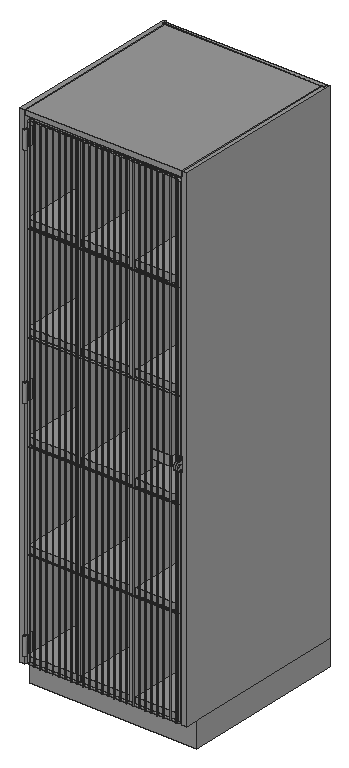
Revit family "TMI_M3000-Music_Wire Grille Doors11", category Casework, Revit 2016
Family settings
  OmniClass Number = 23.40.35.14.11
  OmniClass Title = Modular Casework
  Work Plane-Based = No
  Always vertical = Yes
  Cut with Voids When Loaded = No
  Shared = No
  Room Calculation Point = No
Parameters (values of type "27" x 84-1/2" x 29"")
  URL = "www.tmisystems.com"
  Toe Kick Height = 4"
  Toe Kick Depth = 2"
  Shelf Thickness = 1 1/8"
  Model = "M3000/M5000"
  Manufacturer = "TMI Systems Corporation"
  Interior Finish = none
  Individual Wire Grille Doors [instance] = not(Full Height Wire Grille Door)  # no
  Full Height Wire Grille Door [instance] = yes
  Filler Width (Hinge) [instance] = 3"
  Filler (Pull Side) [instance] = no
  Filler (Hinge Side) [instance] = no
  Filler Width (Pulls) [instance] = 3"
  Description = "Clarinet, Flute, Oboe, Piccolo"
  Depth = 29"
  Height = 84 1/2"
  Width = 27"
  Casework Thickness = 3/4"
  Casework Back Thickness = 1/2"
  Cabinet Finish = Plastic Laminate
  Assembly Code = ""
Types (2): name | Depth
  27" x 84-1/2" x 29" | 29"
  27" x 84-1/2" x 39" | 39"
Reference planes (in)
  plane 1 "Back": y = 15
  plane 2: z = 0
  plane 3 "Center (Left/Right)": x = 0.7377
  plane 4 "Left": x = -12.7623
  plane 5 "Right": x = 14.2377
  plane 6 "Front": y = -14
  plane 7 "Top": z = 84.5
  plane 8: y = 14.375
  plane 9: x = -12.0123
  plane 10: x = 13.4877
  plane 11: z = 83.75
  plane 12: y = 14.875
  plane 13: y = -12
  plane 14: z = 4
  plane 15: z = 5.125
  plane 16: y = -13.61906
  plane 17: z = 68.625
  plane 18: z = 52.75
  plane 19: y = -11.25
  plane 20: y = -13.25
  plane 21: x = -4.0123
  plane 22: x = -3.2623
  plane 23: x = -3.6373
  plane 24: x = 5.4877
  plane 25: x = 4.7377
  plane 26: x = 5.1127
  plane 27: z = 36.875
  plane 28: z = 21
  plane 29: y = -13.49461
  plane 30: z = 83.25
  plane 31: x = 13.8627
  plane 32: x = -12.3873
  plane 33: y = -13.60344
Forms (in)
  Extrusion 1, solid, material "Plastic Laminate" <- "Cabinet Finish"
    sketch origin (0, 0.21844, 0) x (1, 0, 0) y (0, 1, 0)
      loop
        line (-12.7623, 14.78156) -> (-12.7623, -14.21844) -> (-12.0123, -14.21844) -> (-12.0123, 14.15656) -> (-12.38677, 14.15656) -> (-12.38677, 14.78156) -> (-12.7623, 14.78156)
      loop
        line (13.86077, 14.78156) -> (13.86077, 14.15656) -> (13.4877, 14.15656) -> (13.4877, -14.21844) -> (14.2377, -14.21844) -> (14.2377, 14.78156) -> (13.86077, 14.78156)
    from 4 to 84.5
  Extrusion 2, solid, material "Plastic Laminate" <- "Cabinet Finish"
    sketch origin (0.84915, 11.94613, -1.44731) x (1, 0, 0) y (0, 0, 1)
      loop
        line (-12.86145, 6.57231) -> (-12.86145, 5.44731) -> (12.63855, 5.44731) -> (12.63855, 6.57231) -> (-12.86145, 6.57231)
    from -2.42887 to 25.54956
  Extrusion 3, solid, material "Plastic Laminate" <- "Cabinet Finish"
    sketch origin (0, 0, 0) x (1, 0, 0) y (0, 1, 0)
      loop
        line (-12.38677, 14.875) -> (-12.38677, 14.375) -> (13.86077, 14.375) -> (13.86077, 14.875) -> (-12.38677, 14.875)
    from 84.5 to 4
  Extrusion 4, solid, material "Plastic Laminate" <- "Cabinet Finish", visible <- "Filler (Pull Side)"
    sketch origin (0, -14, 0) x (1, 0, 0) y (0, 0, 1)
      loop
        line (14.2377, 84.5) -> (14.2377, 4) -> (17.2377, 4) -> (17.2377, 84.5) -> (14.2377, 84.5)
    from -0.75 to 0
  Extrusion 5, solid, material "Plastic Laminate" <- "Cabinet Finish", visible <- "Filler (Hinge Side)"
    sketch origin (0, -14, 0) x (1, 0, 0) y (0, 0, 1)
      loop
        line (-15.7623, 84.5) -> (-15.7623, 4) -> (-12.7623, 4) -> (-12.7623, 84.5) -> (-15.7623, 84.5)
    from -0.75 to 0
  Extrusion 6, solid, material "Wood"
    sketch origin (0, 0, 0) x (1, 0, 0) y (0, 0, 1)
      loop
        line (14.2377, 4) -> (-12.7623, 4) -> (-12.7623, 0) -> (14.2377, 0) -> (14.2377, 4)
    from -15 to 12
  Extrusion 7, solid, material "Wood", visible <- "Filler (Pull Side)"
    sketch origin (0, 0, 0) x (1, 0, 0) y (0, 0, 1)
      loop
        line (17.2377, 4) -> (14.2377, 4) -> (14.2377, 0) -> (17.2377, 0) -> (17.2377, 4)
    from 11.25 to 12
  Extrusion 8, solid, material "Wood", visible <- "Filler (Hinge Side)"
    sketch origin (0, 0, 0) x (1, 0, 0) y (0, 0, 1)
      loop
        line (-12.7623, 4) -> (-15.7623, 4) -> (-15.7623, 0) -> (-12.7623, 0) -> (-12.7623, 4)
    from 11.25 to 12
  Extrusion 9, solid, material "Plastic Laminate" <- "Cabinet Finish", visible <- "Full Height Wire Grille Door"
    sketch origin (-6, -14, 0) x (1, 0, 0) y (0, 0, 1)
      loop
        line (1.9877, 83.75) -> (1.9877, 4) -> (2.7377, 4) -> (2.7377, 83.75) -> (1.9877, 83.75)
    from -28.375 to -0.39656
  Extrusion 10, solid, material "Plastic Laminate" <- "Cabinet Finish"
    sketch origin (0, -14, 0) x (1, 0, 0) y (0, 0, 1)
      loop
        line (-12.0123, 68.625) -> (-12.0123, 67.5) -> (13.4877, 67.5) -> (13.4877, 68.625) -> (-12.0123, 68.625)
      loop
        line (-12.0123, 52.75) -> (-12.0123, 51.625) -> (13.4877, 51.625) -> (13.4877, 52.75) -> (-12.0123, 52.75)
      loop
        line (-12.0123, 36.875) -> (-12.0123, 35.75) -> (13.4877, 35.75) -> (13.4877, 36.875) -> (-12.0123, 36.875)
      loop
        line (-12.0123, 19.875) -> (13.4877, 19.875) -> (13.4877, 21) -> (-12.0123, 21) -> (-12.0123, 19.875)
    from -28.375 to -0.50539
  Extrusion 11, solid, material "Plastic Laminate" <- "Cabinet Finish", visible <- "Full Height Wire Grille Door"
    sketch origin (67.5, -14, 0) x (1, 0, 0) y (0, 0, 1)
      loop
        line (-62.7623, 83.75) -> (-62.7623, 4) -> (-62.0123, 4) -> (-62.0123, 83.75) -> (-62.7623, 83.75)
    from -28.375 to -0.34969
  Extrusion 12, solid, material "Plastic Laminate" <- "Cabinet Finish"
    sketch origin (0, 15, 0) x (1, 0, 0) y (0, 0, 1)
      loop
        line (-12.0123, 84.5) -> (-12.0123, 83.75) -> (13.4877, 83.75) -> (13.4877, 84.5) -> (-12.0123, 84.5)
    from 0.625 to 29
  Extrusion 13, solid, material "Plastic Laminate" <- "Cabinet Finish", visible <- "Individual Wire Grille Doors"
    sketch origin (34, -14, 0) x (1, 0, 0) y (0, 0, 1)
      loop
        line (-38.0123, 83.75) -> (-38.0123, 4) -> (-37.2623, 4) -> (-37.2623, 83.75) -> (-38.0123, 83.75)
    from -28.375 to 0
  Extrusion 14, solid, material "Plastic Laminate" <- "Cabinet Finish", visible <- "Individual Wire Grille Doors"
    sketch origin (107.5, -14, 0) x (1, 0, 0) y (0, 0, 1)
      loop
        line (-102.7623, 83.75) -> (-102.7623, 4) -> (-102.0123, 4) -> (-102.0123, 83.75) -> (-102.7623, 83.75)
    from -28.375 to 0
Lines and regions (in)
  Masking region 1
    outline origin (44.5, 0, 0) x (1, 0, 0) y (0, 1, 0)
      loop
        line (-57.2623, 15) -> (-57.2623, -14) -> (-30.2623, -14) -> (-30.2623, 15) -> (-57.2623, 15)
  Masking region 2, visible <- "Filler (Hinge Side)"
    outline origin (0, 0, 0) x (1, 0, 0) y (0, 1, 0)
      loop
        line (-15.7623, -13.25) -> (-15.7623, -14) -> (-12.7623, -14) -> (-12.7623, -13.25) -> (-15.7623, -13.25)
  Masking region 3, visible <- "Filler (Pull Side)"
    outline origin (0, 0, 0) x (1, 0, 0) y (0, 1, 0)
      loop
        line (14.2377, -13.25) -> (14.2377, -14) -> (17.2377, -14) -> (17.2377, -13.25) -> (14.2377, -13.25)
  symbolic lines, style "CaseworkHiddenLines"
    curve 1: line (-4.8248, -14, 0) -> (-4.9498, -14, 0)
    curve 2: line (4.1752, -14, 0) -> (4.0502, -14, 0)
    curve 3: line (6.3002, -14, 0) -> (6.4252, -14, 0)
Dimensions and locks (in)
  "Width": plane 4 "Left" to plane 5 "Right"
  equal spacing: plane 4 "Left", plane 3 "Center (Left/Right)", plane 5 "Right"
  "Casework Thickness": plane 4 "Left" to plane 9
  "Casework Thickness": plane 10 to plane 5 "Right"
  "Casework Thickness": plane 7 "Top" to plane 11
  "Filler Width (Pulls)": plane 5 "Right" to Extrusion 4
  "Filler Width (Hinge)": Extrusion 5 to plane 4 "Left"
  "Depth": plane 6 "Front" to plane 1 "Back"
  locked: plane 12 to plane 1 "Back" at 0.125
  "Toe Kick Depth": plane 13 to plane 6 "Front"
  "Toe Kick Height": plane 14 to level
  "Height": plane 7 "Top" to level
  locked: plane 6 "Front" to plane 16 at 0.38094
  locked: plane 6 "Front" to plane 20 at 0.75
  locked: plane 19 to plane 13 at 0.75
  equal spacing: plane 22, plane 23, plane 21
  "Casework Thickness": plane 22 to plane 21
  equal spacing: plane 25, plane 26, plane 24
  "Casework Thickness": plane 25 to plane 24
  plane 16 to plane 29 = 0.12445"
  locked: plane 11 to plane 30 at 0.5
  "Shelf Thickness": plane 15 to plane 14
  equal spacing: plane 7 "Top", plane 17, plane 18, plane 27, plane 28, plane 15
  equal spacing: plane 32, plane 23, plane 26, plane 31
  equal spacing: plane 4 "Left", plane 32, plane 9
  equal spacing: plane 10, plane 31, plane 5 "Right"
  "Casework Back Thickness": plane 12 to plane 8
  "Shelf Thickness": plane 17 to Extrusion 10
  "Shelf Thickness": plane 18 to Extrusion 10
  "Shelf Thickness": plane 27 to Extrusion 10
  "Shelf Thickness": plane 28 to Extrusion 10
  locked: plane 16 to plane 33 at 0.01562
  aligned and locked: plane 2 to level
  aligned and locked: Extrusion 1 sketch curve to plane 4 "Left"
  aligned and locked: Extrusion 1 sketch curve to plane 9
  aligned and locked: Extrusion 1 sketch curve to plane 10
  aligned and locked: Extrusion 1 sketch curve to plane 5 "Right"
  aligned and locked: Extrusion 1 to plane 1 "Back"  (x2)
  aligned and locked: plane 8 to Extrusion 3 sketch curve
  aligned and locked: Extrusion 1 to plane 7 "Top"
  aligned and locked: plane 7 "Top" to Extrusion 4 sketch curve
  aligned and locked: Extrusion 4 sketch curve to plane 5 "Right"
  aligned and locked: plane 7 "Top" to Extrusion 5 sketch curve
  aligned and locked: Extrusion 7 to Extrusion 6
  aligned and locked: Extrusion 8 to Extrusion 6
  aligned and locked: plane 14 to Extrusion 8
  aligned and locked: plane 14 to Extrusion 6
  aligned and locked: plane 14 to Extrusion 7
  aligned and locked: Extrusion 4 to plane 14
  aligned and locked: Extrusion 5 to plane 14
  aligned and locked: Extrusion 1 to plane 14
  aligned and locked: Extrusion 2 to plane 14
  aligned and locked: plane 15 to Extrusion 2
  aligned and locked: Extrusion 6 to Extrusion 1
  aligned and locked: plane 1 "Back" to Masking region 1 sketch curve
  aligned and locked: Extrusion 8 to plane 13
  aligned and locked: plane 11 to Extrusion 9 sketch curve
  aligned and locked: plane 9 to Extrusion 10 sketch curve  (x3)
  aligned and locked: Extrusion 10 sketch curve to plane 9
  aligned and locked: plane 10 to Extrusion 10 sketch curve
  aligned and locked: Extrusion 10 sketch curve to plane 10  (x3)
  aligned and locked: plane 8 to Extrusion 10
  aligned and locked: plane 4 "Left" to Masking region 2 sketch curve
  aligned and locked: Masking region 3 sketch curve to plane 5 "Right"
  aligned and locked: Extrusion 10 to plane 17  (x2)
  aligned and locked: plane 18 to Extrusion 10  (x2)
  aligned and locked: plane 6 "Front" to Extrusion 1  (x2)
  aligned and locked: plane 6 "Front" to Extrusion 4
  aligned and locked: plane 6 "Front" to Extrusion 5
  aligned and locked: Extrusion 7 to plane 19
  aligned and locked: Extrusion 4 to plane 20
  aligned and locked: Extrusion 5 to plane 20
  aligned and locked: plane 19 to Extrusion 8
  aligned and locked: Extrusion 8 to Extrusion 5
  aligned and locked: Masking region 2 to Extrusion 5
  aligned and locked: Masking region 2 to plane 20
  aligned and locked: Extrusion 4 to Extrusion 7
  aligned and locked: Masking region 3 to Extrusion 4
  aligned and locked: Masking region 3 to plane 20
  aligned and locked: plane 28 to Extrusion 10
  aligned and locked: Extrusion 10 to plane 27
  aligned and locked: Extrusion 2 to plane 9
  aligned and locked: Extrusion 10 to plane 29
  aligned and locked: Extrusion 2 to plane 10
  aligned and locked: plane 8 to Extrusion 11
  aligned and locked: Extrusion 12 sketch curve to plane 11
  aligned and locked: plane 9 to Extrusion 12 sketch curve
  aligned and locked: Extrusion 12 sketch curve to plane 10
  aligned and locked: plane 6 "Front" to Extrusion 12
  aligned and locked: Extrusion 11 to plane 25
  aligned and locked: Extrusion 11 to plane 24
  aligned and locked: plane 9 to Extrusion 1
  aligned and locked: plane 6 "Front" to Masking region 1
  aligned and locked: nested 1 to plane 6 "Front"
  aligned and locked: plane 9 to nested 3
  aligned and locked: nested 1 to plane 24
  aligned and locked: nested 2 to plane 22
  aligned and locked: nested 2 to plane 6 "Front"
  aligned and locked: nested 3 to plane 6 "Front"
  aligned and locked: plane 9 to nested 6
  aligned and locked: nested 5 to plane 22
  aligned and locked: nested 4 to plane 24
  aligned and locked: plane 9 to nested 9
  aligned and locked: plane 9 to nested 12
  aligned and locked: nested 8 to plane 22
  aligned and locked: nested 7 to plane 24
  aligned and locked: nested 11 to plane 22
  aligned and locked: nested 10 to plane 24
  aligned and locked: plane 9 to nested 15
  aligned and locked: nested 14 to plane 22
  aligned and locked: nested 13 to plane 24
  aligned and locked: nested 4 to plane 6 "Front"
  aligned and locked: nested 7 to plane 6 "Front"
  aligned and locked: nested 13 to plane 6 "Front"
  aligned and locked: nested 10 to plane 6 "Front"
  aligned and locked: nested 5 to plane 6 "Front"
  aligned and locked: nested 14 to plane 6 "Front"
  aligned and locked: nested 11 to plane 6 "Front"
  aligned and locked: nested 8 to plane 6 "Front"
  aligned and locked: nested 6 to plane 6 "Front"
  aligned and locked: nested 15 to plane 6 "Front"
  aligned and locked: nested 12 to plane 6 "Front"
  aligned and locked: nested 9 to plane 6 "Front"
  aligned and locked: Extrusion 12 to plane 7 "Top"
  aligned and locked: plane 8 to Extrusion 12
  aligned and locked: Extrusion 3 to Extrusion 1  (x2)
  aligned and locked: plane 8 to Extrusion 2
  aligned and locked: Extrusion 3 to plane 14
  aligned and locked: nested 1 to plane 14
  aligned and locked: Extrusion 10 to nested 4
  aligned and locked: Extrusion 10 to nested 7
  aligned and locked: Extrusion 10 to nested 10
  aligned and locked: nested 2 to plane 14
  aligned and locked: Extrusion 10 to nested 5
  aligned and locked: Extrusion 10 to nested 8
  aligned and locked: Extrusion 10 to nested 11
  aligned and locked: Extrusion 10 to nested 12
  aligned and locked: Extrusion 10 to nested 9
  aligned and locked: Extrusion 10 to nested 6
  aligned and locked: nested 3 to plane 14
  aligned and locked: plane 30 to nested 16
  aligned and locked: nested 16 to plane 6 "Front"
  aligned and locked: plane 9 to nested 16
  aligned and locked: Extrusion 3 to plane 7 "Top"
  aligned and locked: plane 6 "Front" to Extrusion 13
  aligned and locked: plane 6 "Front" to Extrusion 14
  aligned and locked: Extrusion 13 to plane 21
  aligned and locked: plane 8 to Extrusion 13
  aligned and locked: plane 8 to Extrusion 14
  aligned and locked: Extrusion 14 to plane 25
  aligned and locked: Extrusion 14 to plane 11  (x2)
  aligned and locked: Extrusion 13 to plane 22
  aligned and locked: Extrusion 14 to plane 24
  aligned and locked: plane 30 to nested 13
  aligned and locked: plane 30 to nested 15
  aligned and locked: plane 30 to nested 14
  aligned and locked: plane 33 to Extrusion 2
  aligned and locked: Extrusion 11 to plane 14
  aligned and locked: Extrusion 14 to plane 14
  aligned and locked: plane 33 to Extrusion 9
  aligned and locked: Extrusion 9 to plane 14
  aligned and locked: Extrusion 13 to plane 14
  aligned and locked: plane 8 to Extrusion 9
Automatic sketch dimensions
  curve 1 to level = 0"
  curve 2 to level = 0"
  curve 3 to level = 0"
  curve 1 to plane 21 = 15/16"
  curve 1 to curve 1 = 1/8"
  curve 2 to plane 25 = 11/16"
  curve 2 to curve 2 = 1/8"
  curve 3 to plane 24 = 13/16"
  curve 3 to curve 3 = 1/8"
  plane 1 "Back" to Extrusion 1 sketch curve = 0"  (x2)
  Extrusion 1 sketch curve to plane 8 = 0"  (x2)
  plane 6 "Front" to Extrusion 1 sketch curve = 0"  (x2)
  Extrusion 1 sketch curve to plane 32 = 0.00052"
  plane 31 to Extrusion 1 sketch curve = 0.00194"
  Extrusion 2 sketch curve to plane 9 = 0"
  plane 10 to Extrusion 2 sketch curve = 0"
  Extrusion 2 sketch curve to plane 14 = 0"
  Extrusion 2 sketch curve to plane 15 = 0"
  Extrusion 3 sketch curve to plane 12 = 0"
  Extrusion 3 sketch curve to plane 32 = 0.00052"
  plane 31 to Extrusion 3 sketch curve = 0.00194"
  Extrusion 4 sketch curve to plane 14 = 0"
  Extrusion 4 sketch curve to plane 5 "Right" = 3"
  Extrusion 5 sketch curve to plane 14 = 0"
  plane 4 "Left" to Extrusion 5 sketch curve = 0"
  Extrusion 5 sketch curve to Extrusion 5 sketch curve = 3"
  plane 4 "Left" to Extrusion 6 sketch curve = 0"
  Extrusion 6 sketch curve to level = 0"
  plane 5 "Right" to Extrusion 6 sketch curve = 0"
  Extrusion 6 sketch curve to plane 14 = 0"
  plane 5 "Right" to Extrusion 7 sketch curve = 0"
  Extrusion 7 sketch curve to level = 0"
  Extrusion 7 sketch curve to plane 14 = 0"
  Extrusion 7 sketch curve to plane 5 "Right" = 3"
  Extrusion 8 sketch curve to plane 14 = 0"
  Extrusion 8 sketch curve to level = 0"
  plane 4 "Left" to Extrusion 8 sketch curve = 0"
  Extrusion 8 sketch curve to Extrusion 8 sketch curve = 3"
  Masking region 1 sketch curve to plane 4 "Left" = 0"
  Masking region 1 sketch curve to plane 5 "Right" = 0"
  plane 6 "Front" to Masking region 1 sketch curve = 0"
  Extrusion 9 sketch curve to plane 21 = 0"
  plane 22 to Extrusion 9 sketch curve = 0"
  Extrusion 10 sketch curve to plane 28 = 0"
  Extrusion 10 sketch curve to plane 27 = 0"
  Extrusion 10 sketch curve to plane 18 = 0"
  Extrusion 10 sketch curve to plane 17 = 0"
  plane 6 "Front" to Masking region 2 sketch curve = 0"
  plane 20 to Masking region 2 sketch curve = 0"
  plane 4 "Left" to Masking region 2 sketch curve = 3"
  plane 6 "Front" to Masking region 3 sketch curve = 0"
  plane 20 to Masking region 3 sketch curve = 0"
  Masking region 3 sketch curve to Masking region 3 sketch curve = 3"
  Extrusion 11 sketch curve to plane 15 = 1 1/8"
  Extrusion 11 sketch curve to plane 25 = 0"
  plane 24 to Extrusion 11 sketch curve = 0"
  Extrusion 11 sketch curve to plane 11 = 0"
  Extrusion 12 sketch curve to plane 7 "Top" = 0"
  Extrusion 13 sketch curve to plane 15 = 1 1/8"
  Extrusion 13 sketch curve to plane 11 = 0"
  plane 5 "Right" to Extrusion 13 sketch curve = 18 1/4"
  Extrusion 13 sketch curve to Extrusion 13 sketch curve = 3/4"
  Extrusion 14 sketch curve to plane 15 = 1 1/8"
  Extrusion 14 sketch curve to plane 11 = 0"
  plane 5 "Right" to Extrusion 14 sketch curve = 9 1/2"
  Extrusion 14 sketch curve to Extrusion 14 sketch curve = 3/4"
  Extrusion 10 sketch curve to Extrusion 10 sketch curve = 1 1/8"  (x2)
  Extrusion 10 sketch curve to plane 18 = 1 1/8"
  plane 17 to Extrusion 10 sketch curve = 1 1/8"
  Extrusion 9 sketch curve to plane 15 = 1 1/8"
Nested families (in)
  nested 1: "Individual Wire Grille Doors 27in Wide" at (9.48685, -13.76369, 4), visible <- "Individual Wire Grille Doors", type "Individual Wire Grille Doors 27in Wide"
    with Number of Verticle Bars 6, Bar Spacing 1"
  nested 2: "Individual Wire Grille Doors 27in Wide" at (0.73685, -13.76369, 4), visible <- "Individual Wire Grille Doors", type "Individual Wire Grille Doors 27in Wide"
    with Number of Verticle Bars 6, Bar Spacing 1"
  nested 3: "Individual Wire Grille Doors 27in Wide" at (-8.01315, -13.76369, 4), visible <- "Individual Wire Grille Doors", type "Individual Wire Grille Doors 27in Wide"
    with Number of Verticle Bars 6, Bar Spacing 1"
  nested 4: "Individual Wire Grille Doors 27in Wide" at (9.48685, -13.76369, 19.875), visible <- "Individual Wire Grille Doors", type "Individual Wire Grille Doors 27in Wide"
    with Number of Verticle Bars 6, Bar Spacing 1"
  nested 5: "Individual Wire Grille Doors 27in Wide" at (0.73685, -13.76369, 19.875), visible <- "Individual Wire Grille Doors", type "Individual Wire Grille Doors 27in Wide"
    with Number of Verticle Bars 6, Bar Spacing 1"
  nested 6: "Individual Wire Grille Doors 27in Wide" at (-8.01315, -13.76369, 19.875), visible <- "Individual Wire Grille Doors", type "Individual Wire Grille Doors 27in Wide"
    with Number of Verticle Bars 6, Bar Spacing 1"
  nested 7: "Individual Wire Grille Doors 27in Wide" at (9.48685, -13.76369, 35.75), visible <- "Individual Wire Grille Doors", type "Individual Wire Grille Doors 27in Wide"
    with Number of Verticle Bars 6, Bar Spacing 1"
  nested 8: "Individual Wire Grille Doors 27in Wide" at (0.73685, -13.76369, 35.75), visible <- "Individual Wire Grille Doors", type "Individual Wire Grille Doors 27in Wide"
    with Number of Verticle Bars 6, Bar Spacing 1"
  nested 9: "Individual Wire Grille Doors 27in Wide" at (-8.01315, -13.76369, 35.75), visible <- "Individual Wire Grille Doors", type "Individual Wire Grille Doors 27in Wide"
    with Number of Verticle Bars 6, Bar Spacing 1"
  nested 10: "Individual Wire Grille Doors 27in Wide" at (9.48685, -13.76369, 51.625), visible <- "Individual Wire Grille Doors", type "Individual Wire Grille Doors 27in Wide"
    with Number of Verticle Bars 6, Bar Spacing 1"
  nested 11: "Individual Wire Grille Doors 27in Wide" at (0.73685, -13.76369, 51.625), visible <- "Individual Wire Grille Doors", type "Individual Wire Grille Doors 27in Wide"
    with Number of Verticle Bars 6, Bar Spacing 1"
  nested 12: "Individual Wire Grille Doors 27in Wide" at (-8.01315, -13.76369, 51.625), visible <- "Individual Wire Grille Doors", type "Individual Wire Grille Doors 27in Wide"
    with Number of Verticle Bars 6, Bar Spacing 1"
  nested 13: "Individual Wire Grille Doors 27in Wide" at (9.48685, -13.76369, 67.625), visible <- "Individual Wire Grille Doors", type "Individual Wire Grille Doors 27in Wide"
    with Number of Verticle Bars 6, Bar Spacing 1"
  nested 14: "Individual Wire Grille Doors 27in Wide" at (0.73685, -13.76369, 67.625), visible <- "Individual Wire Grille Doors", type "Individual Wire Grille Doors 27in Wide"
    with Number of Verticle Bars 6, Bar Spacing 1"
  nested 15: "Individual Wire Grille Doors 27in Wide" at (-8.01315, -13.76369, 67.625), visible <- "Individual Wire Grille Doors", type "Individual Wire Grille Doors 27in Wide"
    with Number of Verticle Bars 6, Bar Spacing 1"
  nested 16: "Full Height Wire Grille Door 27in Wide" at (0.73685, -13.76369, 4), visible <- "Full Height Wire Grille Door", type "Full Height Wire Grille Door 27in Wide"
    with Number of Verticle Bars 24, Bar Spacing 1"
Definition of nested family "Individual Wire Grille Doors 27in Wide"
  Parameters (values of type "Individual Wire Grille Doors 27in Wide")
    Width = 7"
    Pull height from Bottom of Casework = 33 13/16"
    Number of Verticle Bars [instance] = (Width / Bar Spacing) - 1  # 6
    Height = 15 5/8"
    Distance of Hinge from Edge of Casework = 2 13/16"
    Bar Spacing [instance] = 1"
  Reference planes (in)
    plane 1 "Center (Front/Back)": y = 0
    plane 2: z = 0
    plane 3 "Center (Left/Right)": x = 0
    plane 4: x = -3.62415
    plane 5: x = -3.37585
    plane 6: z = 15.625
    plane 7: z = 15.375
    plane 8: z = 15.5
    plane 9: x = -3.5
    plane 10: x = 3.63138
    plane 11: x = 3.36862
    plane 12: x = 3.5
    plane 13: z = 0.25
    plane 14: z = 0.125
    plane 15: y = -0.125
    plane 16: z = 7.8125
    plane 17: y = -0.17188
    plane 18: x = -2.5
    plane 19: y = 0.28516
    plane 20: x = 4.00638
    plane 21: y = -0.23631
    plane 22: z = 2.8125
    plane 23: z = 12.8125
    plane 24: z = 8.93853
    plane 25: z = 7.8125
  Forms (in)
    Sweep 1, solid
      path origin (0, 0, 0) x (1, 0, 0) y (0, 0, 1)
        loop
          arc (-3.25, 15.5) -> (-3.42678, 15.42678) -> (-3.5, 15.25) r 0.25
          line (-3.5, 15.25) -> (-3.5, 0.375)
          arc (-3.5, 0.375) -> (-3.42678, 0.19822) -> (-3.25, 0.125) r 0.25
          line (-3.25, 0.125) -> (3.25, 0.125)
          arc (3.25, 0.125) -> (3.42678, 0.19822) -> (3.5, 0.375) r 0.25
          line (3.5, 0.375) -> (3.5, 15.25)
          arc (3.5, 15.25) -> (3.42678, 15.42678) -> (3.25, 15.5) r 0.25
          line (3.25, 15.5) -> (-3.25, 15.5)
      profile "4 Circle : 4 Circle" origin (0, 0, 15.5) x (0, 0, 1) y (0, -1, 0)
        loop
          circle (0, 0) r 0.125
    Extrusion 2, solid
      sketch origin (0, 0, 0) x (0, 1, 0) y (0, 0, 1)
        loop
          circle (0, 7.8125) r 0.125
      from -3.5 to 3.5
    Extrusion 3, solid
      sketch origin (0.0625, 0, 0) x (1, 0, 0) y (0, 1, 0)
        loop
          circle (-2.5625, -0.17188) r 0.0625
      from 0 to 15.625
    Extrusion 4, solid
      sketch origin (1.0625, 0, 0) x (1, 0, 0) y (0, 1, 0)
        loop
          circle (-2.5625, -0.17188) r 0.0625
      from 0 to 15.625
    Extrusion 5, solid
      sketch origin (2.0625, 0, 0) x (1, 0, 0) y (0, 1, 0)
        loop
          circle (-2.5625, -0.17188) r 0.0625
      from 0 to 15.625
    Extrusion 6, solid
      sketch origin (3.0625, 0, 0) x (1, 0, 0) y (0, 1, 0)
        loop
          circle (-2.5625, -0.17188) r 0.0625
      from 0 to 15.625
    Extrusion 7, solid
      sketch origin (4.0625, 0, 0) x (1, 0, 0) y (0, 1, 0)
        loop
          circle (-2.5625, -0.17188) r 0.0625
      from 0 to 15.625
    Extrusion 8, solid
      sketch origin (5.0625, 0, 0) x (1, 0, 0) y (0, 1, 0)
        loop
          circle (-2.5625, -0.17188) r 0.0625
      from 0 to 15.625
    Extrusion 9, solid
      sketch origin (0, 0, 0) x (1, 0, 0) y (0, 0, 1)
        loop
          line (-0.80612, 8.5625) -> (-0.80612, 7.0625) -> (2.38138, 7.0625) -> (2.38138, 8.5625) -> (-0.80612, 8.5625)
      from 0.23631 to 0.33984
  Lines and regions (in)
    model lines
      curve 1: line (3.5, 0, 15.5) -> (-3.5, 0, 7.8125)
      curve 2: line (-3.5, 0, 7.8125) -> (3.5, 0, 0.125)
  Dimensions and locks (in)
    locked: plane 6 to plane 7 at 0.25
    equal spacing: plane 6, plane 8, plane 7
    equal spacing: plane 4, plane 9, plane 5
    locked: plane 4 to plane 5 at 0.24829
    equal spacing: plane 10, plane 12, plane 11
    plane 10 to plane 11 = 0.26276"
    equal spacing: plane 13, plane 14, plane 2
    locked: plane 13 to plane 2 at 0.25
    equal spacing: plane 12, plane 3 "Center (Left/Right)", plane 9
    locked: plane 15 to plane 1 "Center (Front/Back)" at 0.125
    "Width": plane 12 to plane 9
    "Height": plane 6 to plane 2
    plane 8 to plane 14 = 15 3/8"
    "Bar Spacing": plane 9 to plane 18
    locked: plane 15 to plane 17 at 0.04688
    plane 1 "Center (Front/Back)" to plane 19 = 73/256"
    locked: plane 10 to plane 20 at 0.375
    locked: plane 17 to plane 21 at 0.06444
    "Distance of Hinge from Edge of Casework": plane 6 to plane 23
    "Distance of Hinge from Edge of Casework": plane 22 to plane 2
    locked: plane 24 to plane 16 at 1.12603
    equal spacing: group 1, group 2, group 3, group 4, group 5, group 6  (x3)
    equal spacing: plane 6, plane 16, level
    locked: Extrusion 9 sketch curve to Extrusion 9 sketch curve at 3.1875
    locked: Extrusion 9 sketch curve to nested 1 at 1.25
    equal spacing: Extrusion 9 sketch curve, plane 25, Extrusion 9 sketch curve
    locked: Extrusion 9 sketch curve to Extrusion 9 sketch curve at 1.5
    aligned and locked: plane 12 to Sweep 1 sketch curve
    aligned and locked: Sweep 1 sketch curve to plane 8
    aligned and locked: plane 9 to Sweep 1 sketch curve
    aligned and locked: plane 14 to Sweep 1 sketch curve
    aligned and locked: nested 1 to plane 10
    aligned and locked: plane 19 to nested 1
    aligned and locked: plane 19 to nested 2
    aligned and locked: plane 10 to nested 1
    aligned and locked: nested 3 to plane 4
    aligned and locked: nested 3 to plane 21
    aligned and locked: nested 3 to plane 23
    aligned and locked: nested 4 to plane 4
    aligned and locked: nested 4 to plane 21
    aligned and locked: nested 4 to plane 22
    aligned and locked: Extrusion 2 to plane 9
    aligned and locked: Extrusion 2 to plane 12
    aligned and locked: Extrusion 3 to plane 2
    aligned and locked: plane 20 to nested 2
    aligned and locked: plane 17 to Extrusion 3
    aligned and locked: nested 2 to plane 24
    aligned and locked: nested 1 to plane 24
    aligned and locked: plane 6 to Extrusion 3
    aligned and locked: plane 16 to plane 25
    aligned and locked: plane 21 to Extrusion 9
    aligned and locked: nested 1 to Extrusion 9
  Automatic sketch dimensions
    plane 5 to Sweep 1 sketch curve = 0.12585"
    Sweep 1 sketch curve to Sweep 1 sketch curve = 1/4"  (x2)
    plane 11 to Sweep 1 sketch curve = 0.11862"
    Extrusion 2 sketch curve to plane 1 "Center (Front/Back)" = 0"
    Extrusion 2 sketch curve to plane 16 = 0"
    curve 2 to plane 9 = 0"
    plane 12 to curve 2 = 0"
    curve 1 to plane 8 = 0"
    plane 12 to curve 1 = 0"
    curve 2 to plane 14 = 0"
    curve 2 to plane 16 = 0"
    radius of Extrusion 2 sketch curve = 1/8"
    radius of Extrusion 3 sketch curve = 1/16"
    radius of Extrusion 4 sketch curve = 1/16"
    radius of Extrusion 5 sketch curve = 1/16"
    radius of Extrusion 6 sketch curve = 1/16"
    radius of Extrusion 7 sketch curve = 1/16"
    radius of Extrusion 8 sketch curve = 1/16"
  Nested families (in)
    nested 1: "Pad Lock" at (3.63138, -0.33984, 7.81353), type "Pad Lock"
    nested 2: "Pad Lock" at (3.94388, -0.33984, 7.81353), type "Pad Lock"
    nested 3: "5k hinge (music)" at (-3.8429, 0.76369, 11.40625) x (-1, 0, 0) z (0, 0, 1), type "5k hinge (music)"
      with Width 16"
    nested 4: "5k hinge (music)" at (-3.8429, 0.76369, 1.40625) x (-1, 0, 0) z (0, 0, 1), type "5k hinge (music)"
      with Width 16"
  Definition of nested family "Pad Lock"
    Reference planes (in)
      plane 1 "Center (Front/Back)": y = 0
      plane 2: z = 0
      plane 3 "Center (Left/Right)": x = 0
      plane 4: z = 1.125
      plane 5: z = -1.125
      plane 6: y = -1.125
      plane 7: y = 0.625
      plane 8: y = -0.5625
      plane 9: x = 0.0625
    Forms (in)
      Extrusion 1, solid
        sketch origin (0, 0.00036, 0.01611) x (0, 0, 1) y (0, -1, 0)
          loop
            line (0.98389, 0) -> (0.56967, 0) -> (0.56967, 0.56286)
            arc (0.56967, 0.56286) -> (0, 1.13253) -> (-0.56967, 0.56286) r 0.56967
            line (-0.56967, 0.56286) -> (-0.56967, 0) -> (-1.01611, 0)
            arc (-1.01611, 0) -> (-1.1045, -0.03661) -> (-1.14111, -0.125) r 0.125
            line (-1.14111, -0.125) -> (-1.14111, -0.62464) -> (1.10889, -0.62464) -> (1.10889, -0.125)
            arc (1.10889, -0.125) -> (1.07227, -0.03661) -> (0.98389, 0) r 0.125
          loop
            circle (0, 0.56286) r 0.375
        from 0 to 0.0625
    Dimensions and locks (in)
      locked: plane 4 to plane 5 at 2.25
      locked: plane 6 to plane 7 at 1.75
      locked: plane 9 to plane 3 "Center (Left/Right)" at 0.0625
      equal spacing: plane 1 "Center (Front/Back)", plane 8, plane 6
      locked: plane 7 to plane 1 "Center (Front/Back)" at 0.625
      equal spacing: plane 5, plane 2, plane 4
      aligned and locked: plane 2 to level
      aligned and locked: plane 9 to Extrusion 1
    Automatic sketch dimensions
      Extrusion 1 sketch curve to Extrusion 1 sketch curve = 0"  (x2)
      Extrusion 1 sketch curve to plane 5 = 0"
      Extrusion 1 sketch curve to plane 8 = 0"
      plane 4 to Extrusion 1 sketch curve = 0"
      Extrusion 1 sketch curve to plane 7 = 0"
      Extrusion 1 sketch curve to plane 1 "Center (Front/Back)" = 0.00036"
      plane 5 to Extrusion 1 sketch curve = 1/8"
      Extrusion 1 sketch curve to level = 0.55355"
      level to Extrusion 1 sketch curve = 0.01611"
      Extrusion 1 sketch curve to Extrusion 1 sketch curve = 1/8"
      Extrusion 1 sketch curve to plane 1 "Center (Front/Back)" = 0.12536"
      radius of Extrusion 1 sketch curve = 3/8"
  Definition of nested family "5k hinge (music)"
    Parameters (values of type "5k hinge (music)")
      door thickness = 1"
      Width [instance] = 16"
      Hinge Distance from Door = 9/16"
      5K hinge size = 2 13/16"
    Reference planes (in)
      plane 1 "Center (Front/Back)": y = 0
      plane 2: z = 0
      plane 3 "Center (Left/Right)": x = 0
      plane 4: x = -0.15625
      plane 5: y = -1
      plane 6: y = -0.5
      plane 7: y = -1.5625
      plane 8: y = -1.28125
      plane 9: x = 0.15625
      plane 10: z = 2.8125
      plane 11: z = 1.40625
      plane 12: x = -0.21875
    Forms (in)
      Extrusion 1, solid
        sketch origin (-8.15625, 0, 0) x (1, 0, 0) y (0, 1, 0)
          loop
            line (8.15625, -1) -> (8.15625, -1.04949)
            arc (8.15625, -1.04949) -> (7.85521, -1.421) -> (8.3125, -1.28125) r 0.25
            line (8.3125, -1.28125) -> (8.3125, 0) -> (8.15625, 0) -> (7.9375, 0) -> (7.9375, -1) -> (8.15625, -1)
        from 0 to 2.8125
    Dimensions and locks (in)
      equal spacing: plane 1 "Center (Front/Back)", plane 6, plane 5
      "Hinge Distance from Door": plane 5 to plane 7
      equal spacing: plane 5, plane 8, plane 7
      "5K hinge size": plane 10 to plane 2
      "door thickness": plane 1 "Center (Front/Back)" to plane 5
      equal spacing: plane 10, plane 11, plane 2
      equal spacing: plane 4, plane 3 "Center (Left/Right)", plane 9
      plane 4 to plane 9 = 5/16"
      plane 12 to plane 4 = 1/16"
      aligned and locked: plane 2 to level
      aligned and locked: plane 5 to Extrusion 1 sketch curve
      aligned and locked: Extrusion 1 to plane 10
      aligned and locked: plane 9 to Extrusion 1
      aligned and locked: Extrusion 1 to plane 2
      aligned and locked: plane 12 to Extrusion 1 sketch curve
    Automatic sketch dimensions
      Extrusion 1 sketch curve to plane 8 = 0"
      plane 1 "Center (Front/Back)" to Extrusion 1 sketch curve = 0"
      Extrusion 1 sketch curve to plane 9 = 0"
      plane 4 to Extrusion 1 sketch curve = 1/16"
      Extrusion 1 sketch curve to plane 3 "Center (Left/Right)" = 0"  (x2)
Definition of nested family "Full Height Wire Grille Door 27in Wide"
  Parameters (values of type "Full Height Wire Grille Door 27in Wide")
    Width = 24 1/2"
    Pull height from Bottom of Casework = 37 13/16"
    Number of Verticle Bars [instance] = (Width / Bar Spacing) - 1  # 24
    Height = 79 1/4"
    Distance of Hinge from Edge of Casework = 2 13/16"
    Bar Spacing [instance] = 1"
  Reference planes (in)
    plane 1 "Center (Front/Back)": y = 0
    plane 2: z = 0
    plane 3 "Center (Left/Right)": x = 0
    plane 4: x = -12.37415
    plane 5: x = -12.12585
    plane 6: z = 79.25
    plane 7: z = 79
    plane 8: z = 79.125
    plane 9: x = -12.25
    plane 10: x = 12.38138
    plane 11: x = 12.11862
    plane 12: x = 12.25
    plane 13: z = 0.25
    plane 14: z = 0.125
    plane 15: y = -0.125
    plane 16: z = 39.625
    plane 17: z = 47.525
    plane 18: z = 63.325
    plane 19: z = 31.725
    plane 20: z = 15.925
    plane 21: y = -0.17188
    plane 22: x = -11.25
    plane 23: y = 0.28516
    plane 24: x = 12.75638
    plane 25: y = -0.23631
    plane 26: z = 37.8125
    plane 27: z = 2.8125
    plane 28: z = 76.4375
    plane 29: z = 38.9375
    plane 30: z = 37.8125
  Forms (in)
    Sweep 1, solid
      path origin (0, 0, 0) x (1, 0, 0) y (0, 0, 1)
        loop
          arc (-12, 79.125) -> (-12.17678, 79.05178) -> (-12.25, 78.875) r 0.25
          line (-12.25, 78.875) -> (-12.25, 0.375)
          arc (-12.25, 0.375) -> (-12.17678, 0.19822) -> (-12, 0.125) r 0.25
          line (-12, 0.125) -> (12, 0.125)
          arc (12, 0.125) -> (12.17678, 0.19822) -> (12.25, 0.375) r 0.25
          line (12.25, 0.375) -> (12.25, 78.875)
          arc (12.25, 78.875) -> (12.17678, 79.05178) -> (12, 79.125) r 0.25
          line (12, 79.125) -> (-12, 79.125)
      profile "4 Circle : 4 Circle" origin (0, 0, 79.125) x (0, 0, 1) y (0, -1, 0)
        loop
          circle (0, 0) r 0.125
    Extrusion 2, solid
      sketch origin (0, 0, 0) x (0, 1, 0) y (0, 0, 1)
        loop
          circle (0, 63.325) r 0.125
        loop
          circle (0, 47.525) r 0.125
        loop
          circle (0, 15.925) r 0.125
        loop
          circle (0, 31.725) r 0.125
      from -12.25 to 12.25
    Extrusion 3, solid
      sketch origin (-0.62456, 0, 0) x (1, 0, 0) y (0, 1, 0)
        loop
          circle (-10.62544, -0.17188) r 0.0625
      from 0 to 79.25
    Extrusion 4, solid
      sketch origin (0.37544, 0, 0) x (1, 0, 0) y (0, 1, 0)
        loop
          circle (-10.62544, -0.17188) r 0.0625
      from 0 to 79.25
    Extrusion 5, solid
      sketch origin (1.37544, 0, 0) x (1, 0, 0) y (0, 1, 0)
        loop
          circle (-10.62544, -0.17188) r 0.0625
      from 0 to 79.25
    Extrusion 6, solid
      sketch origin (2.37544, 0, 0) x (1, 0, 0) y (0, 1, 0)
        loop
          circle (-10.62544, -0.17188) r 0.0625
      from 0 to 79.25
    Extrusion 7, solid
      sketch origin (3.37544, 0, 0) x (1, 0, 0) y (0, 1, 0)
        loop
          circle (-10.62544, -0.17188) r 0.0625
      from 0 to 79.25
    Extrusion 8, solid
      sketch origin (4.37544, 0, 0) x (1, 0, 0) y (0, 1, 0)
        loop
          circle (-10.62544, -0.17188) r 0.0625
      from 0 to 79.25
    Extrusion 9, solid
      sketch origin (5.37544, 0, 0) x (1, 0, 0) y (0, 1, 0)
        loop
          circle (-10.62544, -0.17188) r 0.0625
      from 0 to 79.25
    Extrusion 10, solid
      sketch origin (6.37544, 0, 0) x (1, 0, 0) y (0, 1, 0)
        loop
          circle (-10.62544, -0.17188) r 0.0625
      from 0 to 79.25
    Extrusion 11, solid
      sketch origin (7.37544, 0, 0) x (1, 0, 0) y (0, 1, 0)
        loop
          circle (-10.62544, -0.17188) r 0.0625
      from 0 to 79.25
    Extrusion 12, solid
      sketch origin (8.37544, 0, 0) x (1, 0, 0) y (0, 1, 0)
        loop
          circle (-10.62544, -0.17188) r 0.0625
      from 0 to 79.25
    Extrusion 13, solid
      sketch origin (9.37544, 0, 0) x (1, 0, 0) y (0, 1, 0)
        loop
          circle (-10.62544, -0.17188) r 0.0625
      from 0 to 79.25
    Extrusion 14, solid
      sketch origin (10.37544, 0, 0) x (1, 0, 0) y (0, 1, 0)
        loop
          circle (-10.62544, -0.17188) r 0.0625
      from 0 to 79.25
    Extrusion 15, solid
      sketch origin (11.37544, 0, 0) x (1, 0, 0) y (0, 1, 0)
        loop
          circle (-10.62544, -0.17188) r 0.0625
      from 0 to 79.25
    Extrusion 16, solid
      sketch origin (12.37544, 0, 0) x (1, 0, 0) y (0, 1, 0)
        loop
          circle (-10.62544, -0.17188) r 0.0625
      from 0 to 79.25
    Extrusion 17, solid
      sketch origin (13.37544, 0, 0) x (1, 0, 0) y (0, 1, 0)
        loop
          circle (-10.62544, -0.17188) r 0.0625
      from 0 to 79.25
    Extrusion 18, solid
      sketch origin (14.37544, 0, 0) x (1, 0, 0) y (0, 1, 0)
        loop
          circle (-10.62544, -0.17188) r 0.0625
      from 0 to 79.25
    Extrusion 19, solid
      sketch origin (15.37544, 0, 0) x (1, 0, 0) y (0, 1, 0)
        loop
          circle (-10.62544, -0.17188) r 0.0625
      from 0 to 79.25
    Extrusion 20, solid
      sketch origin (16.37544, 0, 0) x (1, 0, 0) y (0, 1, 0)
        loop
          circle (-10.62544, -0.17188) r 0.0625
      from 0 to 79.25
    Extrusion 21, solid
      sketch origin (17.37544, 0, 0) x (1, 0, 0) y (0, 1, 0)
        loop
          circle (-10.62544, -0.17188) r 0.0625
      from 0 to 79.25
    Extrusion 22, solid
      sketch origin (18.37544, 0, 0) x (1, 0, 0) y (0, 1, 0)
        loop
          circle (-10.62544, -0.17188) r 0.0625
      from 0 to 79.25
    Extrusion 23, solid
      sketch origin (19.37544, 0, 0) x (1, 0, 0) y (0, 1, 0)
        loop
          circle (-10.62544, -0.17188) r 0.0625
      from 0 to 79.25
    Extrusion 24, solid
      sketch origin (20.37544, 0, 0) x (1, 0, 0) y (0, 1, 0)
        loop
          circle (-10.62544, -0.17188) r 0.0625
      from 0 to 79.25
    Extrusion 25, solid
      sketch origin (21.37544, 0, 0) x (1, 0, 0) y (0, 1, 0)
        loop
          circle (-10.62544, -0.17188) r 0.0625
      from 0 to 79.25
    Extrusion 26, solid
      sketch origin (22.37544, 0, 0) x (1, 0, 0) y (0, 1, 0)
        loop
          circle (-10.62544, -0.17188) r 0.0625
      from 0 to 79.25
    Extrusion 27, solid
      sketch origin (0, 0, 0) x (1, 0, 0) y (0, 0, 1)
        loop
          line (7.94388, 38.5625) -> (7.94388, 37.0625) -> (11.13138, 37.0625) -> (11.13138, 38.5625) -> (7.94388, 38.5625)
      from 0.23631 to 0.33984
  Lines and regions (in)
    model lines
      curve 1: line (12.27951, 0, 79.125) -> (-12.25002, 0, 39.625)
      curve 2: line (-12.25002, 0, 39.625) -> (12.25, 0, 0.125)
  Dimensions and locks (in)
    locked: plane 6 to plane 7 at 0.25
    equal spacing: plane 6, plane 8, plane 7
    equal spacing: plane 4, plane 9, plane 5
    locked: plane 4 to plane 5 at 0.24829
    equal spacing: plane 10, plane 12, plane 11
    plane 10 to plane 11 = 0.26276"
    equal spacing: plane 13, plane 14, plane 2
    locked: plane 13 to plane 2 at 0.25
    equal spacing: plane 12, plane 3 "Center (Left/Right)", plane 9
    locked: plane 15 to plane 1 "Center (Front/Back)" at 0.125
    "Width": plane 12 to plane 9
    "Height": plane 6 to plane 2
    plane 8 to plane 14 = 79"
    equal spacing: plane 8, plane 18, plane 17, plane 19, plane 20, plane 14
    "Bar Spacing": plane 9 to plane 22
    locked: plane 15 to plane 21 at 0.04688
    plane 1 "Center (Front/Back)" to plane 23 = 73/256"
    locked: plane 10 to plane 24 at 0.375
    locked: plane 21 to plane 25 at 0.06444
    "Pull height from Bottom of Casework": plane 26 to plane 2
    "Distance of Hinge from Edge of Casework": plane 6 to plane 28
    "Distance of Hinge from Edge of Casework": plane 27 to plane 2
    equal spacing: plane 6, plane 16, level
    locked: plane 29 to plane 26 at 1.125
    equal spacing: group 1, group 2, group 3, group 4, group 5, group 6, group 7, group 8, group 9, group 10, group 11, group 12, group 13, group 14, group 15, group 16, group 17, group 18, group 19, group 20, group 21, group 22, group 23, group 24  (x3)
    locked: Extrusion 27 sketch curve to Extrusion 27 sketch curve at 1.5
    locked: Extrusion 27 sketch curve to Extrusion 27 sketch curve at 3.1875
    equal spacing: Extrusion 27 sketch curve, plane 30, Extrusion 27 sketch curve
    locked: nested 1 to Extrusion 27 sketch curve at 1.25
    aligned and locked: plane 2 to level
    aligned and locked: Sweep 1 sketch curve to plane 12
    aligned and locked: Sweep 1 sketch curve to plane 8
    aligned and locked: plane 9 to Sweep 1 sketch curve
    aligned and locked: plane 14 to Sweep 1 sketch curve
    aligned and locked: Extrusion 2 to plane 12
    aligned and locked: Extrusion 2 to plane 9
    aligned and locked: Extrusion 3 to plane 2
    aligned and locked: nested 1 to plane 10
    aligned and locked: nested 1 to plane 23
    aligned and locked: plane 24 to nested 2
    aligned and locked: nested 2 to plane 23
    aligned and locked: plane 10 to nested 1
    aligned and locked: nested 3 to plane 4
    aligned and locked: plane 25 to nested 3
    aligned and locked: nested 3 to plane 28
    aligned and locked: nested 4 to plane 4
    aligned and locked: plane 25 to nested 4
    aligned and locked: nested 4 to plane 27
    aligned and locked: nested 5 to plane 4
    aligned and locked: nested 5 to plane 16
    aligned and locked: plane 25 to nested 5
    aligned and locked: plane 6 to Extrusion 3
    aligned and locked: nested 2 to plane 29
    aligned and locked: nested 1 to plane 29
    aligned and locked: plane 30 to plane 26
    aligned and locked: plane 25 to Extrusion 27
    aligned and locked: nested 1 to Extrusion 27
  Automatic sketch dimensions
    plane 5 to Sweep 1 sketch curve = 0.12585"
    Sweep 1 sketch curve to Sweep 1 sketch curve = 1/4"  (x2)
    plane 11 to Sweep 1 sketch curve = 0.11862"
    Extrusion 2 sketch curve to plane 1 "Center (Front/Back)" = 0"  (x4)
    Extrusion 2 sketch curve to plane 20 = 0"
    Extrusion 2 sketch curve to plane 19 = 0"
    Extrusion 2 sketch curve to plane 17 = 0"
    Extrusion 2 sketch curve to plane 18 = 0"
    curve 2 to plane 16 = 0"
    plane 12 to curve 2 = 0"
    curve 1 to plane 8 = 0"
    curve 2 to plane 14 = 0"
    curve 2 to plane 9 = 0"
    curve 1 to plane 12 = 0.02951"
    radius of Extrusion 3 sketch curve = 1/16"
    radius of Extrusion 2 sketch curve = 1/8"  (x4)
    radius of Extrusion 4 sketch curve = 1/16"
    radius of Extrusion 5 sketch curve = 1/16"
    radius of Extrusion 6 sketch curve = 1/16"
    radius of Extrusion 7 sketch curve = 1/16"
    radius of Extrusion 8 sketch curve = 1/16"
    radius of Extrusion 9 sketch curve = 1/16"
    radius of Extrusion 10 sketch curve = 1/16"
    radius of Extrusion 11 sketch curve = 1/16"
    radius of Extrusion 12 sketch curve = 1/16"
    radius of Extrusion 13 sketch curve = 1/16"
    radius of Extrusion 14 sketch curve = 1/16"
    radius of Extrusion 15 sketch curve = 1/16"
    radius of Extrusion 16 sketch curve = 1/16"
    radius of Extrusion 17 sketch curve = 1/16"
    radius of Extrusion 18 sketch curve = 1/16"
    radius of Extrusion 19 sketch curve = 1/16"
    radius of Extrusion 20 sketch curve = 1/16"
    radius of Extrusion 21 sketch curve = 1/16"
    radius of Extrusion 22 sketch curve = 1/16"
    radius of Extrusion 23 sketch curve = 1/16"
    radius of Extrusion 24 sketch curve = 1/16"
    radius of Extrusion 25 sketch curve = 1/16"
    radius of Extrusion 26 sketch curve = 1/16"
  Nested families (in)
    nested 1: "Pad Lock" at (12.38138, -0.33984, 37.8125), type "Pad Lock"
    nested 2: "Pad Lock" at (12.69388, -0.33984, 37.8125), type "Pad Lock"
    nested 3: "5k hinge (music)" at (-12.5929, 0.76369, 75.03125) x (-1, 0, 0) z (0, 0, 1), type "5k hinge (music)"
      with Width 16"
    nested 4: "5k hinge (music)" at (-12.5929, 0.76369, 1.40625) x (-1, 0, 0) z (0, 0, 1), type "5k hinge (music)"
      with Width 16"
    nested 5: "5k hinge (music)" at (-12.5929, 0.76369, 38.21875) x (-1, 0, 0) z (0, 0, 1), type "5k hinge (music)"
      with Width 16"
  Definition of nested family "Pad Lock"
    Reference planes (in)
      plane 1 "Center (Front/Back)": y = 0
      plane 2: z = 0
      plane 3 "Center (Left/Right)": x = 0
      plane 4: z = 1.125
      plane 5: z = -1.125
      plane 6: y = -1.125
      plane 7: y = 0.625
      plane 8: y = -0.5625
      plane 9: x = 0.0625
    Forms (in)
      Extrusion 1, solid
        sketch origin (0, 0.00036, 0.01611) x (0, 0, 1) y (0, -1, 0)
          loop
            line (0.98389, 0) -> (0.56967, 0) -> (0.56967, 0.56286)
            arc (0.56967, 0.56286) -> (0, 1.13253) -> (-0.56967, 0.56286) r 0.56967
            line (-0.56967, 0.56286) -> (-0.56967, 0) -> (-1.01611, 0)
            arc (-1.01611, 0) -> (-1.1045, -0.03661) -> (-1.14111, -0.125) r 0.125
            line (-1.14111, -0.125) -> (-1.14111, -0.62464) -> (1.10889, -0.62464) -> (1.10889, -0.125)
            arc (1.10889, -0.125) -> (1.07227, -0.03661) -> (0.98389, 0) r 0.125
          loop
            circle (0, 0.56286) r 0.375
        from 0 to 0.0625
    Dimensions and locks (in)
      locked: plane 4 to plane 5 at 2.25
      locked: plane 6 to plane 7 at 1.75
      locked: plane 9 to plane 3 "Center (Left/Right)" at 0.0625
      equal spacing: plane 1 "Center (Front/Back)", plane 8, plane 6
      locked: plane 7 to plane 1 "Center (Front/Back)" at 0.625
      equal spacing: plane 5, plane 2, plane 4
      aligned and locked: plane 2 to level
      aligned and locked: plane 9 to Extrusion 1
    Automatic sketch dimensions
      Extrusion 1 sketch curve to Extrusion 1 sketch curve = 0"  (x2)
      Extrusion 1 sketch curve to plane 5 = 0"
      Extrusion 1 sketch curve to plane 8 = 0"
      plane 4 to Extrusion 1 sketch curve = 0"
      Extrusion 1 sketch curve to plane 7 = 0"
      Extrusion 1 sketch curve to plane 1 "Center (Front/Back)" = 0.00036"
      plane 5 to Extrusion 1 sketch curve = 1/8"
      Extrusion 1 sketch curve to level = 0.55355"
      level to Extrusion 1 sketch curve = 0.01611"
      Extrusion 1 sketch curve to Extrusion 1 sketch curve = 1/8"
      Extrusion 1 sketch curve to plane 1 "Center (Front/Back)" = 0.12536"
      radius of Extrusion 1 sketch curve = 3/8"
  Definition of nested family "5k hinge (music)"
    Parameters (values of type "5k hinge (music)")
      door thickness = 1"
      Width [instance] = 16"
      Hinge Distance from Door = 9/16"
      5K hinge size = 2 13/16"
    Reference planes (in)
      plane 1 "Center (Front/Back)": y = 0
      plane 2: z = 0
      plane 3 "Center (Left/Right)": x = 0
      plane 4: x = -0.15625
      plane 5: y = -1
      plane 6: y = -0.5
      plane 7: y = -1.5625
      plane 8: y = -1.28125
      plane 9: x = 0.15625
      plane 10: z = 2.8125
      plane 11: z = 1.40625
      plane 12: x = -0.21875
    Forms (in)
      Extrusion 1, solid
        sketch origin (-8.15625, 0, 0) x (1, 0, 0) y (0, 1, 0)
          loop
            line (8.15625, -1) -> (8.15625, -1.04949)
            arc (8.15625, -1.04949) -> (7.85521, -1.421) -> (8.3125, -1.28125) r 0.25
            line (8.3125, -1.28125) -> (8.3125, 0) -> (8.15625, 0) -> (7.9375, 0) -> (7.9375, -1) -> (8.15625, -1)
        from 0 to 2.8125
    Dimensions and locks (in)
      equal spacing: plane 1 "Center (Front/Back)", plane 6, plane 5
      "Hinge Distance from Door": plane 5 to plane 7
      equal spacing: plane 5, plane 8, plane 7
      "5K hinge size": plane 10 to plane 2
      "door thickness": plane 1 "Center (Front/Back)" to plane 5
      equal spacing: plane 10, plane 11, plane 2
      equal spacing: plane 4, plane 3 "Center (Left/Right)", plane 9
      plane 4 to plane 9 = 5/16"
      plane 12 to plane 4 = 1/16"
      aligned and locked: plane 2 to level
      aligned and locked: plane 5 to Extrusion 1 sketch curve
      aligned and locked: Extrusion 1 to plane 10
      aligned and locked: plane 9 to Extrusion 1
      aligned and locked: Extrusion 1 to plane 2
      aligned and locked: plane 12 to Extrusion 1 sketch curve
    Automatic sketch dimensions
      Extrusion 1 sketch curve to plane 8 = 0"
      plane 1 "Center (Front/Back)" to Extrusion 1 sketch curve = 0"
      Extrusion 1 sketch curve to plane 9 = 0"
      plane 4 to Extrusion 1 sketch curve = 1/16"
      Extrusion 1 sketch curve to plane 3 "Center (Left/Right)" = 0"  (x2)
